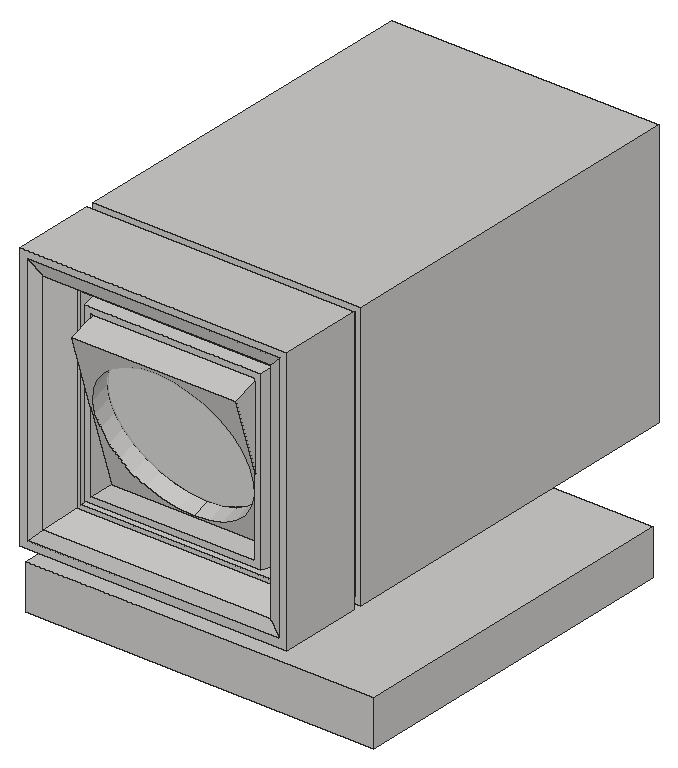
Revit family "Lighting-Luminii-Leto_44_WM_A_MID new", category Lighting Fixtures, host Face, Revit 2020
Family settings
  Host = Face
  Round Connector Dimension = Use Diameter
  Part Type = Normal
  OmniClass Number = 23.80.70.11.14.11
  OmniClass Title = Downlights
  Cut with Voids When Loaded = No
  Light Source = Yes
  Shared = Yes
  Room Calculation Point = No
Parameters (values of type "Leto 44 WM A MID")
  Width = 0' - 3 189/256"  # constant formula
  Wattage Comments = "6.5W"
  Wattage = 6.49954 W
  Warranty URL = "https://www.luminii.com/terms-conditions/"
  built-in parameter 1150110 = 1 (stored number, unit not read)
  Voltage Comments = "120V | 277V | 347V"  # constant formula
  Voltage = 120 V
  Version = "2020 - v1.0a"  # constant formula
  URL = "https://www.luminii.com/"
  built-in parameter 1114217 = 1 (stored number, unit not read)
  Tilt Angle = 0.00°  # constant formula
  built-in parameter 1150109 = 1 (stored number, unit not read)
  built-in parameter 1150134 = (empty or 0)
  built-in parameter 1150113 = 1 (stored number, unit not read)
  Support Phone = "224-699-9545"  # constant formula
  Support Email = "mailto:support@bimsmith.com"
  Product Page URL = "https://www.luminii.com/product/leto-44-wm-a-mid/"
  Power Source Type = "Driver"  # constant formula
  Power Factor = 1
  Photometric Web File = "718A-A90-615-30-07-DL.ies"
  Phase = 1
  Operating Temperature = "Consult Manufacturer Website for more Information"  # constant formula
  Number of Poles = if(and(or(Voltage = 120 V, Voltage = 277 V), Phase = 1), 1, if(and(or(Voltage = 208 V, Voltage = 240 V), Phase = 1), 2, if(and(or(Voltage = 208 V, Voltage = 240 V), Phase = 3), 3, if(and(Voltage > 300 V, Phase = 1), 2, if(and(Voltage > 400 V, Phase = 3), 3, 1)))))  # 1
  Mounting Method = "Wall Mount"  # constant formula
  Model = "718A"  # constant formula
  Manufacturer Phone Number = "403-216-7043"  # constant formula
  Manufacturer Email = "mailto: info@sensolighting.com"
  Manufacturer Address = "302 50 Ave SE. Calgary, Alberta, T2G 2A9 Canada"  # constant formula
  Manufacturer = "Luminii"  # constant formula
  built-in parameter 1150105 = 55.704 (stored number, unit not read)
  Lumens = 700 lm
  Luminaire Type = "Asymmetric Wall Mount LED Downlight"  # constant formula
  built-in parameter 1150115 = 1 (stored number, unit not read)
  Load Classification = Lighting
  built-in parameter 1150137 = (empty or 0)
  built-in parameter 1150139 = (empty or 0)
  Lens Material = Plastic - Luminii - Frosted Lens
  Length [instance] = 0' - 6 1/2"  # constant formula
  built-in parameter 1150112 = 1 (stored number, unit not read)
  built-in parameter 1150114 = 1 (stored number, unit not read)
  Lamp Life = 1
  Lamp = "LED"  # constant formula
  Keynote = "26 50 00"
  built-in parameter 1150132 = 2
  built-in parameter 1150102 = (empty or 0)
  built-in parameter 1150107 = 3500 (stored number, unit not read)
  Initial Color Comments = "Perfomance based on 3500K Photometric Web File"  # constant formula
  built-in parameter 1150138 = (empty or 0)
  built-in parameter 1150106 = 0.55704 (stored number, unit not read)
  Housing Protection Rating = "Consult Manufacturer Website for more Information"  # constant formula
  Has Dimming = 1 = 1  # yes
  Has Battery Backup = 0 = 1  # no
  Frequency Comments = ""  # constant formula
  Frequency = 60 Hz
  Finish = Metal - Luminii - Silver Anodized Aluminum
  Environment = "Indoor"  # constant formula
  built-in parameter 1150104 = 10.006 (stored number, unit not read)
  Dimming Type = "Consult Manufacturer Website for more Information"  # constant formula
  Dimming Lamp Color Temperature Shift = <None>
  Description = "Asymmetric Wall Mount LED Downlight"  # constant formula
  Depth = 0' - 3 189/256"  # constant formula
  Default Elevation = 0' - 0"  # constant formula
  Current Amps = 50 A
  Copyright = "©2024 Luminii"  # constant formula
  Control Zone = "Consult Manufacturer Website for more Information"  # constant formula
  Control Type = "Consult Manufacturer Website for more Information"  # constant formula
  Constraints = 1  # constant formula
  Color Filter = 16777215
  built-in parameter 1114216 [instance] = 0  # (empty or 0)
  built-in parameter 1140040 [instance] = 1 = 1  # 1
  CCT = "3500K"
  built-in parameter 1114218 = 1 (stored number, unit not read)
  built-in parameter 1150133 = 10 (stored number, unit not read)
  Assembly Code = "D5020200"
  Apparent Load = Wattage / Power Factor  # 6.49954 VA
Reference planes (in)
  plane 1 "Center (Front/Back)": y = 0
  plane 2: z = 0
  plane 3 "Center (Left/Right)": x = 0
  plane 4: x = 2.44094
  plane 5: x = -2.44094
  plane 6: y = 3.24803
  plane 7: y = -3.24803
  plane 8: z = 3.25
Forms (in)
  Extrusion 1, solid, material "Metal - Luminii - Silver Anodized Aluminum", not visible
    sketch origin (0, 0, 0) x (1, 0, 0) y (0, 1, 0)
      loop
        circle (0, 0) r 0.5
    from 0 to -0.17225
Dimensions and locks (in)
  equal spacing: plane 5, plane 3 "Center (Left/Right)", plane 4
  equal spacing: plane 6, plane 1 "Center (Front/Back)", plane 7
  aligned and locked: plane 2 to host face
  aligned and locked: plane 3 "Center (Left/Right)" to Extrusion 1 sketch curve
  aligned and locked: plane 1 "Center (Front/Back)" to Extrusion 1 sketch curve
  aligned and locked: plane 2 to Extrusion 1  (x2)
  aligned and locked: imposter light to plane 3 "Center (Left/Right)"
  aligned and locked: imposter light to plane 8
Automatic sketch dimensions
  host sketch curve to host sketch curve = 8' - 0"  (x2)
  radius of Extrusion 1 sketch curve = 0' - 0 1/2"
Nested families (in)
  nested 1: "Nested - Lamp" at (0, 0, 0), type "Nested - Lamp"
Connectors (in)
  electrical at (0, 0, 0), driven by "Number of Poles", driven by "Load Classification", driven by "Voltage", driven by "Apparent Load", driven by "Power Factor"
    settings: on Extrusion 1, index 1, voltage 120 V, apparent load 6.49954 VA, apparent load phase1 0 VA, apparent load phase2 0 VA, apparent load phase3 0 VA, power factor 1, load classification "Lighting", number of poles 1, system type 30, power factor state 1, is connector primary yes, connector utility no, sub classification motor no, connector description "Power Connection"
Definition of nested family "Nested - Lamp"
  Parameters (values of type "Nested - Lamp")
    Width = 0' - 5.57087"  # constant formula
    Screen Material = none
    Inner Screen = none
    Height = 0' - 6.49606"  # constant formula
    Finish = none
    Default Elevation = 4' - 0"
    Constraint = 3
  Reference planes (in)
    plane 1 "Center (Front/Back)": y = 0
    plane 2: z = 0
    plane 3 "Center (Left/Right)": x = 0
  Forms (in)
    Extrusion 1, solid
      sketch origin (0, 0, 0) x (1, 0, 0) y (0, 1, 0)
        loop
          line (-48, 48) -> (-48, -48) -> (48, -48) -> (48, 48) -> (-48, 48)
      from 0 to -12
    Sweep 2, solid, material <- "Finish", detail levels medium+fine
      path origin (-0.03362, -2.16535, 5.58071) x (0, 0, 1) y (-1, 0, 0)
        loop
          line (-0.46063, -1.9037) -> (-0.46063, 1.83645) -> (-4.20079, 1.83645) -> (-4.20079, -1.9037) -> (-0.46063, -1.9037)
      profile origin (1.87008, -2.16535, 3.25) x (0, -1, 0) y (1, 0, 0)
        loop
          line (-5.41339, 0) -> (-5.41339, -0.07874) -> (-5.21654, -0.07874) -> (-5.21654, -0.21654) -> (-0.05132, -0.21654) -> (-0.05132, -0.72029) -> (0.74409, -0.72029) -> (0.74409, -0.63719) -> (0.48228, -0.60039)
          arc (0.48228, -0.60039) -> (0.45861, -0.57657) -> (0.47779, -0.54899) r 0.02623
          line (0.47779, -0.54899) -> (0.68898, -0.53051) -> (0.68898, -0.47327) -> (1.03143, -0.27656) -> (1.08268, -0.10635) -> (1.08268, 0) -> (-0.07874, 0) -> (-0.07874, -0.07874) -> (-0.19685, -0.07874) -> (-0.19685, 0) -> (-5.41339, 0)
    Extrusion 3, solid, material <- "Screen Material"
      sketch origin (0, -3.57907, 4.06477) x (1, 0, 0) y (0, -0.309017, 0.951057)
        loop
          circle (0, -1.08071) r 1.10236
      from -0.63122 to -0.62137
    Extrusion 4, solid, material <- "Finish"
      sketch origin (1.59205, -3.22734, 5.85304) x (0, 0.309017, -0.951057) y (1, 0, 0)
        loop
          line (3.82255, -0.44226) -> (1.52297, -0.44226) -> (1.52297, -2.74184) -> (3.82255, -2.74184) -> (3.82255, -0.44226)
        loop
          circle (2.67276, -1.59205) r 1.10236
      from -0.12232 to 0.51772
    Extrusion 5, solid, material <- "Finish"
      sketch origin (1.59205, -4.66826, 5.38485) x (0, 0.309017, -0.951057) y (1, 0, 0)
        loop
          circle (2.67276, -1.59205) r 1.10236
      from -1.25917 to -1.79277
    Extrusion 6, solid, material <- "Finish", detail levels medium+fine
      sketch origin (-0.03362, -2.6324, 5.11766) x (0, 0, 1) y (-1, 0, 0)
        loop
          line (-0.07632, -1.82496) -> (-0.07632, 1.75771) -> (-3.659, 1.75771) -> (-3.659, -1.82496) -> (-0.07632, -1.82496)
        loop
          line (-1.27711, -0.30922) -> (-0.68656, -0.30922)
          arc (-0.68656, -0.30922) -> (-0.41097, -0.03362) -> (-0.68656, 0.24197) r 0.27559
          line (-0.68656, 0.24197) -> (-1.27711, 0.24197)
          arc (-1.27711, 0.24197) -> (-1.49982, 0.33422) -> (-1.59207, 0.55693) r 0.31496
          line (-1.59207, 0.55693) -> (-1.59207, 1.14748)
          arc (-1.59207, 1.14748) -> (-1.86766, 1.42307) -> (-2.14325, 1.14748) r 0.27559
          line (-2.14325, 1.14748) -> (-2.14325, 0.55693)
          arc (-2.14325, 0.55693) -> (-2.2355, 0.33422) -> (-2.45821, 0.24197) r 0.31496
          line (-2.45821, 0.24197) -> (-3.04876, 0.24197)
          arc (-3.04876, 0.24197) -> (-3.32435, -0.03362) -> (-3.04876, -0.30922) r 0.27559
          line (-3.04876, -0.30922) -> (-2.45821, -0.30922)
          arc (-2.45821, -0.30922) -> (-2.2355, -0.40147) -> (-2.14325, -0.62418) r 0.31496
          line (-2.14325, -0.62418) -> (-2.14325, -1.21473)
          arc (-2.14325, -1.21473) -> (-1.86766, -1.49032) -> (-1.59207, -1.21473) r 0.27559
          line (-1.59207, -1.21473) -> (-1.59207, -0.62418)
          arc (-1.59207, -0.62418) -> (-1.49982, -0.40147) -> (-1.27711, -0.30922) r 0.31496
      from -5.75828 to -5.68358
    Extrusion 7, solid, material <- "Finish", detail levels medium+fine
      sketch origin (-0.03362, -2.6324, 5.11766) x (0, 0, 1) y (-1, 0, 0)
        loop
          line (-0.07632, -1.82496) -> (-0.07632, 1.75771) -> (-3.659, 1.75771) -> (-3.659, -1.82496) -> (-0.07632, -1.82496)
        loop
          circle (-1.86766, -0.03362) r 0.87104
        loop
          circle (-1.86766, -0.03362) r 0.71409
      from -5.36862 to -5.30882
    Sweep 8, solid, material <- "Finish", detail levels coarse
      path origin (-0.03362, -2.16535, 5.58071) x (0, 0, 1) y (-1, 0, 0)
        loop
          line (-0.46063, -1.9037) -> (-0.46063, 1.83645) -> (-4.20079, 1.83645) -> (-4.20079, -1.9037) -> (-0.46063, -1.9037)
      profile origin (1.87008, -2.16535, 3.25) x (0, -1, 0) y (1, 0, 0)
        loop
          line (-5.41339, 0) -> (-5.41339, -0.07874) -> (-5.21654, -0.07874) -> (-5.21654, -0.21654) -> (-0.05132, -0.21654) -> (-0.05132, -0.72029) -> (0.74409, -0.72029) -> (0.74409, -0.44161) -> (1.03143, -0.27656) -> (1.08268, -0.10635) -> (1.08268, 0) -> (-5.41339, 0)
    Extrusion 9, solid, material <- "Finish"
      sketch origin (-0.03362, 1.25, 6.49606) x (0, 1, 0) y (-1, 0, 0)
        loop
          line (1.19094, 2.40732) -> (-3.69094, 2.40732) -> (-3.69094, -2.47457) -> (1.19094, -2.47457) -> (1.19094, 2.40732)
      from -6.49606 to -5.86614
    Extrusion 10, solid, material <- "Finish"
      sketch origin (-0.03362, 1.25, 6.49606) x (0, 1, 0) y (-1, 0, 0)
        loop
          line (-0.38386, -0.89977) -> (-0.38386, 0.83252) -> (-2.11614, 0.83252) -> (-2.11614, -0.89977) -> (-0.38386, -0.89977)
      from -5.11614 to -5.86614
    Extrusion 11, solid, material <- "Finish", detail levels coarse
      sketch origin (-0.03362, -2.6324, 5.11766) x (0, 0, 1) y (-1, 0, 0)
        loop
          line (-0.07632, -1.82496) -> (-0.07632, 1.75771) -> (-3.659, 1.75771) -> (-3.659, -1.82496) -> (-0.07632, -1.82496)
      from -5.75828 to -5.68358
  Lines and regions (in)
    reference lines
      curve 1: line (0, 3.24803, 3.25) -> (0, -4.23228, 3.25)
      curve 2: line (0, -2.58943, 3.25) -> (0, -2.58943, 5.12008)
  Dimensions and locks (in)
    aligned and locked: plane 2 to Extrusion 1
    aligned and locked: level to Extrusion 1
